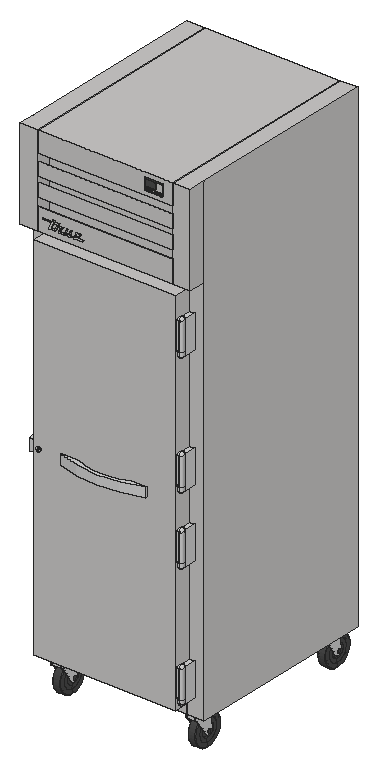
Revit family "QF_TRUE_STG1R-1S-HC", category Specialty Equipment, Revit 2012 (continued)
Automatic sketch dimensions
  Revolve 31 sketch curve to plane 4 "RIGHT" = 4.17713"
  level to Revolve 31 sketch curve = 1"
  Revolve 31 sketch curve to plane 4 "RIGHT" = 3 19/32"
  Revolve 31 sketch curve to Revolve 31 sketch curve = 1/4"
  Revolve 31 sketch curve to Revolve 31 sketch curve = 1/2"
  Revolve 31 sketch curve to Revolve 31 sketch curve = 0"
  Revolve 31 sketch curve to Revolve 31 sketch curve = 5/8"
  plane 7 to Revolve 31 sketch curve = 1 25/32"
  Revolve 32 sketch curve to plane 7 = 0.62954"
  Revolve 32 sketch curve to plane 4 "RIGHT" = 4.14082"
  Revolve 32 sketch curve to Revolve 32 sketch curve = 1.29707"
  Revolve 32 sketch curve to Revolve 32 sketch curve = 0"
  Revolve 32 sketch curve to Revolve 32 sketch curve = 0.10278"
  Revolve 32 sketch curve to plane 7 = 0.00141"
  plane 7 to Revolve 32 sketch curve = 0.26768"
  Extrusion 33 sketch curve to plane 7 = 0.63926"  (x2)
  Extrusion 33 sketch curve to plane 5 "FRONT" = 3.79864"
  Extrusion 33 sketch curve to Extrusion 33 sketch curve = 1/4"  (x2)
  Extrusion 33 sketch curve to Extrusion 33 sketch curve = 2 1/2"
  Extrusion 33 sketch curve to plane 7 = 0.93273"  (x2)
  Extrusion 33 sketch curve to Extrusion 33 sketch curve = 0.03603"
  plane 1 "BACK" to Extrusion 33 sketch curve = 3.8577"
  Extrusion 33 sketch curve to plane 7 = 1.24411"
  plane 1 "BACK" to Extrusion 33 sketch curve = 1.1077"
  Revolve 34 sketch curve to plane 4 "RIGHT" = 4.35148"
  Revolve 34 sketch curve to Revolve 34 sketch curve = 0.48273"
  Revolve 34 sketch curve to Revolve 34 sketch curve = 0.4"
  Revolve 34 sketch curve to Revolve 34 sketch curve = 0"  (x2)
  Revolve 34 sketch curve to Revolve 34 sketch curve = 0.1"  (x2)
  Revolve 34 sketch curve to Revolve 34 sketch curve = 0.16101"
  Revolve 34 sketch curve to Revolve 34 sketch curve = 0.75408"
  Revolve 34 sketch curve to Revolve 34 sketch curve = 0.92798"
  Revolve 34 sketch curve to Revolve 34 sketch curve = 0.06101"
  Revolve 34 sketch curve to Revolve 34 sketch curve = 1/2"
  Revolve 34 sketch curve to Revolve 34 sketch curve = 0.16509"
  Revolve 34 sketch curve to Revolve 34 sketch curve = 0.39592"
  level to Revolve 34 sketch curve = 2 1/2"
  Revolve 34 sketch curve to Revolve 34 sketch curve = 0.29941"  (x2)
  Revolve 34 sketch curve to Revolve 34 sketch curve = 3/4"  (x4)
  Revolve 34 sketch curve to Revolve 34 sketch curve = 0.59652"
  Revolve 34 sketch curve to Revolve 34 sketch curve = 0.60059"
  plane 3 "LEFT" to Revolve 35 sketch curve = 1.33602"
  Revolve 35 sketch curve to Revolve 35 sketch curve = 0.48273"
  Revolve 35 sketch curve to plane 8 = 5/8"  (x2)
  Revolve 35 sketch curve to Revolve 35 sketch curve = 0.1"  (x2)
  Revolve 35 sketch curve to Revolve 35 sketch curve = 0.16101"
  plane 8 to Revolve 35 sketch curve = 0.12908"
  plane 8 to Revolve 35 sketch curve = 0.46399"
  plane 8 to Revolve 35 sketch curve = 0.525"
  Revolve 35 sketch curve to Revolve 35 sketch curve = 1/2"
  Revolve 35 sketch curve to Revolve 35 sketch curve = 0.16509"
  Revolve 35 sketch curve to Revolve 35 sketch curve = 0.39592"
  level to Revolve 35 sketch curve = 2 1/2"
  Revolve 35 sketch curve to Revolve 35 sketch curve = 0"
  Revolve 35 sketch curve to Revolve 35 sketch curve = 0.29941"  (x2)
  Revolve 35 sketch curve to Revolve 35 sketch curve = 3/4"  (x4)
  Revolve 35 sketch curve to Revolve 35 sketch curve = 0.59652"
  Revolve 35 sketch curve to Revolve 35 sketch curve = 0.60059"
  Extrusion 36 sketch curve to plane 7 = 0.63926"  (x2)
  Extrusion 36 sketch curve to plane 5 "FRONT" = 3.79864"
  Extrusion 36 sketch curve to Extrusion 36 sketch curve = 1/4"  (x2)
  level to Extrusion 36 sketch curve = 2.18736"  (x2)
  Extrusion 36 sketch curve to Extrusion 36 sketch curve = 1.7492"
  Extrusion 36 sketch curve to Extrusion 36 sketch curve = 0.50669"  (x2)
  Extrusion 36 sketch curve to Extrusion 36 sketch curve = 2 1/2"
  level to Extrusion 36 sketch curve = 2.59003"
  Extrusion 36 sketch curve to Extrusion 36 sketch curve = 0.59966"  (x2)
  plane 1 "BACK" to Extrusion 36 sketch curve = 3.8577"
  plane 1 "BACK" to Extrusion 36 sketch curve = 1.8585"
  plane 1 "BACK" to Extrusion 36 sketch curve = 1.1077"
  Extrusion 36 sketch curve to Extrusion 36 sketch curve = 0.32905"
  Extrusion 36 sketch curve to Extrusion 36 sketch curve = 0.60485"  (x2)
  Extrusion 37 sketch curve to plane 7 = 0.63926"  (x2)
  Extrusion 37 sketch curve to plane 5 "FRONT" = 3.79864"
  Extrusion 37 sketch curve to Extrusion 37 sketch curve = 1/4"  (x2)
  level to Extrusion 37 sketch curve = 2.18736"  (x2)
  Extrusion 37 sketch curve to Extrusion 37 sketch curve = 1.7492"
  Extrusion 37 sketch curve to Extrusion 37 sketch curve = 0.50669"  (x2)
  Extrusion 37 sketch curve to Extrusion 37 sketch curve = 2 1/2"
  level to Extrusion 37 sketch curve = 2.59003"
  Extrusion 37 sketch curve to Extrusion 37 sketch curve = 0.59966"  (x2)
  plane 1 "BACK" to Extrusion 37 sketch curve = 3.8577"
  plane 1 "BACK" to Extrusion 37 sketch curve = 1.8585"
  plane 1 "BACK" to Extrusion 37 sketch curve = 1.1077"
  Extrusion 37 sketch curve to Extrusion 37 sketch curve = 0.32905"
  Extrusion 37 sketch curve to Extrusion 37 sketch curve = 0.60485"  (x2)
  Revolve 38 sketch curve to plane 8 = 0"  (x2)
  Revolve 38 sketch curve to plane 7 = 0.62954"
  Revolve 38 sketch curve to plane 8 = 1.29707"
  Revolve 38 sketch curve to Revolve 38 sketch curve = 0.10278"
  Revolve 38 sketch curve to plane 7 = 0.00141"
  plane 7 to Revolve 38 sketch curve = 0.26768"
  Revolve 39 sketch curve to level = 0"
  Revolve 39 sketch curve to plane 8 = 0"  (x2)
  Revolve 39 sketch curve to plane 8 = 1/2"
  Revolve 39 sketch curve to Revolve 39 sketch curve = 1/4"
  Revolve 39 sketch curve to plane 7 = 0"
  Revolve 39 sketch curve to plane 8 = 1.33338"
  level to Revolve 39 sketch curve = 1"
  Revolve 39 sketch curve to Revolve 39 sketch curve = 5/8"
  plane 7 to Revolve 39 sketch curve = 1 25/32"
  Revolve 40 sketch curve to level = 0"
  Revolve 40 sketch curve to plane 8 = 0"  (x2)
  Revolve 40 sketch curve to plane 8 = 1/2"
  Revolve 40 sketch curve to Revolve 40 sketch curve = 1/4"
  Revolve 40 sketch curve to plane 7 = 0"
  Revolve 40 sketch curve to plane 8 = 1.33338"
  level to Revolve 40 sketch curve = 1"
  Revolve 40 sketch curve to Revolve 40 sketch curve = 5/8"
  plane 7 to Revolve 40 sketch curve = 1 25/32"
  Revolve 41 sketch curve to plane 8 = 0"  (x2)
  Revolve 41 sketch curve to plane 7 = 0.62954"
  Revolve 41 sketch curve to plane 8 = 1.29707"
  Revolve 41 sketch curve to Revolve 41 sketch curve = 0.10278"
  Revolve 41 sketch curve to plane 7 = 0.00141"
  plane 7 to Revolve 41 sketch curve = 0.26768"
  Extrusion 42 sketch curve to plane 7 = 0.63926"  (x2)
  Extrusion 42 sketch curve to plane 5 "FRONT" = 3.79864"
  Extrusion 42 sketch curve to Extrusion 42 sketch curve = 1/4"  (x2)
  Extrusion 42 sketch curve to Extrusion 42 sketch curve = 2 1/2"
  Extrusion 42 sketch curve to plane 7 = 0.93273"  (x2)
  Extrusion 42 sketch curve to Extrusion 42 sketch curve = 0.03603"
  plane 1 "BACK" to Extrusion 42 sketch curve = 3.8577"
  Extrusion 42 sketch curve to plane 7 = 1.24411"
  plane 1 "BACK" to Extrusion 42 sketch curve = 1.1077"
  plane 3 "LEFT" to Revolve 43 sketch curve = 1.33602"
  Revolve 43 sketch curve to Revolve 43 sketch curve = 0.48273"
  Revolve 43 sketch curve to plane 8 = 5/8"  (x2)
  Revolve 43 sketch curve to Revolve 43 sketch curve = 0.1"  (x2)
  Revolve 43 sketch curve to Revolve 43 sketch curve = 0.16101"
  plane 8 to Revolve 43 sketch curve = 0.12908"
  plane 8 to Revolve 43 sketch curve = 0.46399"
  plane 8 to Revolve 43 sketch curve = 0.525"
  Revolve 43 sketch curve to Revolve 43 sketch curve = 1/2"
  Revolve 43 sketch curve to Revolve 43 sketch curve = 0.16509"
  Revolve 43 sketch curve to Revolve 43 sketch curve = 0.39592"
  level to Revolve 43 sketch curve = 2 1/2"
  Revolve 43 sketch curve to Revolve 43 sketch curve = 0"
  Revolve 43 sketch curve to Revolve 43 sketch curve = 0.29941"  (x2)
  Revolve 43 sketch curve to Revolve 43 sketch curve = 3/4"  (x4)
  Revolve 43 sketch curve to Revolve 43 sketch curve = 0.59652"
  Revolve 43 sketch curve to Revolve 43 sketch curve = 0.60059"
  Extrusion 45 sketch curve to plane 4 "RIGHT" = 2 27/32"
  Extrusion 45 sketch curve to plane 5 "FRONT" = 5.09023"
  Extrusion 46 sketch curve to plane 8 = 0"
  Extrusion 46 sketch curve to plane 5 "FRONT" = 5.09023"
  Extrusion 47 sketch curve to plane 4 "RIGHT" = 2 27/32"
  plane 1 "BACK" to Extrusion 47 sketch curve = 2.69102"
  Extrusion 48 sketch curve to plane 8 = 0"
  plane 1 "BACK" to Extrusion 48 sketch curve = 2.69102"
  plane 1 "BACK" to curve 1 = 0"
  curve 1 to plane 3 "LEFT" = 0"
  plane 5 "FRONT" to curve 27 = 0"
  curve 4 to plane 4 "RIGHT" = 0"
  plane 3 "LEFT" to curve 11 = 1.20097"
  plane 3 "LEFT" to curve 8 = 1.20097"
  curve 27 to plane 8 = 11/16"
  curve 12 to plane 8 = 11/32"
  curve 9 to plane 8 = 11/32"
  plane 1 "BACK" to curve 10 = 0.4208"
  plane 8 to curve 10 = 0.98222"
  plane 8 to curve 7 = 0.98222"
  plane 8 to curve 26 = 2.38973"
  plane 8 to curve 24 = 4.03871"
  curve 24 to curve 22 = 2.37379"
  curve 6 to curve 23 = 8 17/32"
  curve 22 to curve 23 = 0"
  curve 22 to curve 25 = 2.42621"
  curve 15 to plane 4 "RIGHT" = 5.39157"
  curve 25 to curve 20 = 1.71972"
  curve 15 to curve 16 = 1.29904"
  curve 19 to curve 21 = 1.29904"
  plane 1 "BACK" to curve 15 = 0.4208"
  curve 15 to plane 4 "RIGHT" = 2.76657"
  curve 19 to plane 4 "RIGHT" = 2.67282"
  curve 26 to plane 4 "RIGHT" = 2 3/8"
  curve 27 to curve 26 = 0"
  curve 23 to curve 25 = 0.18984"
  curve 5 to plane 5 "FRONT" = 2 1/4"
  curve 21 to plane 5 "FRONT" = 3.92849"
  curve 5 to curve 8 = 1.78257"
  curve 20 to curve 20 = 3/4"
  curve 8 to curve 7 = 3/4"
  curve 22 to plane 5 "FRONT" = 8.90906"
  curve 22 to curve 23 = 8.47905"
  curve 12 to curve 10 = 5.29663"
  curve 16 to curve 14 = 5.29663"
  plane 5 "FRONT" to Extrusion 7 sketch curve = 0"  (x2)
  plane 8 to Extrusion 7 sketch curve = 4.0125"
  Extrusion 7 sketch curve to Extrusion 7 sketch curve = 2.4"  (x2)
  Extrusion 7 sketch curve to Extrusion 7 sketch curve = 4.4"
  Extrusion 7 sketch curve to Extrusion 7 sketch curve = 0"
  Extrusion 7 sketch curve to Extrusion 7 sketch curve = 0.2"
  Extrusion 7 sketch curve to plane 5 "FRONT" = 8.90906"
  Extrusion 7 sketch curve to Extrusion 7 sketch curve = 8.47905"
  plane 5 "FRONT" to Extrusion 44 sketch curve = 0"
  Extrusion 44 sketch curve to plane 11 = 0"
  Extrusion 44 sketch curve to plane 8 = 11/16"
  Extrusion 44 sketch curve to plane 4 "RIGHT" = 2 3/8"
  Extrusion 44 sketch curve to plane 5 "FRONT" = 0.02058"
  radius of Extrusion 8 sketch curve = 0.35"
  radius of Extrusion 12 sketch curve = 1/4"
  radius of Extrusion 45 sketch curve = 1 1/2"
  radius of Extrusion 46 sketch curve = 1 1/2"
  radius of Extrusion 47 sketch curve = 1 1/2"
  radius of Extrusion 48 sketch curve = 1 1/2"
Connectors (in)
  electrical at (24.25, -0.0625, 82), driven by "Volts", driven by "Watts"
    settings: on Extrusion 12, index 1, voltage 115 V, apparent load 437 VA, apparent load phase1 0 VA, apparent load phase2 0 VA, apparent load phase3 0 VA, power factor 1, load classification "Other", number of poles 1, system type 30, power factor state 1, is connector primary yes, connector utility no, sub classification motor no, connector description "ELECTRICAL CONNECTION"
